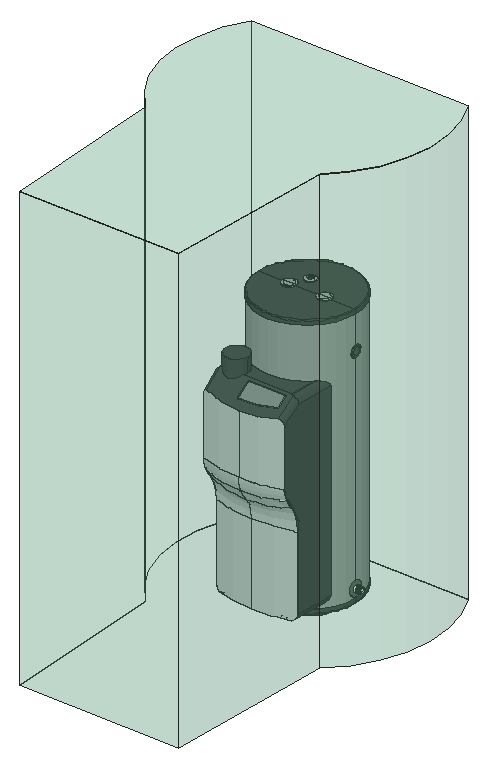
Revit family "Innovo BEFR_IR 12 160 BEFR NAT", category Mechanical Equipment, Revit 2015
Parameters (values of type "IR-12-160 BEFR NAT")
  largeur d'emballage = 786 mm  # constant formula
  l'Intervalle d'Entretien = "12 mois"  # constant formula
  Workspace Radius = Diameter + 170 mm  # 730 mm
  Workspace Height = Hauteur + 1000 mm  # 2545 mm
  Workspace Front Distance = 1000 mm
  Workspace [instance] = yes
  Valve Height 02 = if(and(Hauteur = 1745 mm, Diameter = 675 mm), 1518 mm, if(and(Hauteur = 1745 mm, Diameter = 610 mm), 1534 mm, if(Hauteur = 1545 mm, 1328 mm, 1070 mm)))  # 1328 mm
  Valve Height 01 = if(and(Diameter > 560 mm), 693 mm, 604 mm)  # 604 mm
  Valeur Maximale du Thermostat de Régulation = 85 °C  # constant formula
  Valeur Manimale du Thermostat de Régulation = 40 °C  # constant formula
  Valeur Défaut du Thermostat de Régulation = 65 °C  # constant formula
  URL = "www.aosmith.be"
  Type d'Installation = "B23/C13/C33/C43/C53/C63"  # constant formula
  Type d'emballage = "Carton et bois"  # constant formula
  Tension d'Alimentation (-15%, +10%) = 230 V  # constant formula
  Température Maximale des Fumées = 45 °C
  Temps de réchauffement à ΔT = 70°C = "65"
  Temps de réchauffement à ΔT = 55°C = "52"
  Temps de réchauffement à ΔT = 50°C = "47"
  Temps de réchauffement à ΔT = 44°C = "41"
  Temps de réchauffement à ΔT = 28°C = "27"
  Spécifications du Produit = ""
  Réglages du thermostat du chauffe-eau = 65 °C  # constant formula
  Réglage Standard Pour = "G20/G25"
  Rendement Saisonnier (Hs) = [Rendement (Hs, acc. NEN-EN 89 - 1999)]  # 98
  Rendement (Hs, acc. NEN-EN 89 - 1999) = 98
  Rendement (Hi, acc. NEN-EN 89 - 1999) = 109
  Raccord Évacuation de la Condensation = 40 mm  # constant formula
  Raccord de la Soupape de Vidange = 3/4"
  Raccord de Sortie d'Eau Chaude = 3/4"
  Raccord de Gaz = 15"  # constant formula
  Raccord d'Alimentation en Eau Froide = 3/4"  # constant formula
  Raccord Robinet de Vidange = 3/4"  # constant formula
  Puissance Électrique Absorbée (sommet) = 85 W
  Puissance Électrique Absorbée (nominal) = 25 W
  Profondeur d'emballage = 946 mm  # constant formula
  Profondeur = 780 mm  # constant formula
  Profils de soutirage déclaré = "XL"
  Production Nominale = "11900.0/9800.0"
  Pression de Fonctionnement Maximale = 800000.0 Pa  # constant formula
  Pression Différentielle d'Ouverture de l'Interrupteur de Pression < = 115.0 Pa
  Pression Amont de Gaz = "2000/2500 Pa"
  Precaustions during assembling, installation or maintenance = "voir Manuel d'installation, d'emploi er d'entretien"  # constant formula
  Poids à vide = 106 kg
  Poids de Transport = 122 kg
  Phase = 1
  Pertes en Veille - tous les jours (24h) = 0 W
  Pertes en Veille = 0 W
  Nombre de modèle du produit (EAN) = "8717449285951"
  Niveau du Son dB (A) = "<45"  # constant formula
  Niveau de puissance acoustique à l'intérieur = "41 dB"
  NOx-émissions mg/kWh = "22.0/23.0"
  NOx-émissions (ven air, 0% O2) ppm = "14.0/14.0"
  Modèdele = "IR-12-200"
  Model = "IR-12-200 FR NAT"
  Marque commerciale = "A.O. Smith"  # constant formula
  Manufacturer = "A.O. Smith Water Products Company b.v."  # constant formula
  Largeur = Diameter  # 560 mm
  La commande intelligente = no
  L'efficacité énergétique pour le chauffage de l'eau (2) = "-"
  L'efficacité énergétique pour le chauffage de l'eau (1) = "94%"
  Hauteur du Raccordement au Gaz = 860 mm
  Hauteur de la Sortie d'eau Chaude = 1545 mm
  Hauteur de l'Alimentation en eau Froide = 170 mm
  Hauteur d'emballage = 1695 mm
  Hauteur Conduit d'Évacuation des Fumées = 1305 mm
  Hauteur Conduit d'Alimentation en Air = 1305 mm
  Hauteur = 1545 mm
  Guide de Produit = ""
  Garantie sur la Cuve = "36 mois"  # constant formula
  Garantie Pièces = "12 mois"  # constant formula
  Fréquence secteur = 50 Hz  # constant formula
  Forctionner qu'en heures creuses = no
  Fabricant No. = "E 7110"  # constant formula
  Epaisseur d'Isolation = 50 mm
  Débit de vidage à ΔT = 70°C après 90 min. = 350.0 L
  Débit de vidage à ΔT = 70°C après 60 min. = 270.0 L
  Débit de vidage à ΔT = 70°C après 30 min. = 200.0 L
  Débit de vidage à ΔT = 70°C après 120 min. = 420.0 L
  Débit de vidage à ΔT = 55°C après 90 min. = 460.0 L
  Débit de vidage à ΔT = 55°C après 60 min. = 370.0 L
  Débit de vidage à ΔT = 55°C après 30 min. = 270.0 L
  Débit de vidage à ΔT = 55°C après 120 min. = 560.0 L
  Débit de vidage à ΔT = 50°C après 90 min. = 510.0 L
  Débit de vidage à ΔT = 50°C après 60 min. = 410.0 L
  Débit de vidage à ΔT = 50°C après 30 min. = 310.0 L
  Débit de vidage à ΔT = 50°C après 120 min. = 610.0 L
  Débit de vidage à ΔT = 44°C après 90 min. = 590.0 L
  Débit de vidage à ΔT = 44°C après 60 min. = 470.0 L
  Débit de vidage à ΔT = 44°C après 30 min. = 360.0 L
  Débit de vidage à ΔT = 44°C après 120 min. = 710.0 L
  Débit de vidage à ΔT = 28°C après 90 min. = 950.0 L
  Débit de vidage à ΔT = 28°C après 60 min. = 760.0 L
  Débit de vidage à ΔT = 28°C après 30 min. = 580.0 L
  Débit de vidage à ΔT = 28°C après 120 min. = 1200.0 L
  Débit de vidage en Continu à ΔT = 70°C = 150.0 L/s
  Débit de vidage en Continu à ΔT = 55°C = 190.0 L/s
  Débit de vidage en Continu à ΔT = 50°C = 210.0 L/s
  Débit de vidage en Continu à ΔT = 44°C = 240.0 L/s
  Débit de vidage en Continu à ΔT = 28°C = 370.0 L/s
  Diamètre Cheminée - Système Parallèle = "2x80"  # constant formula
  Diamètre Cheminée - Système Concentrique = "80/125 mm/mm"  # constant formula
  Diamètre Cheminée - Boiler = "80/125 mm/mm"  # constant formula
  Diameter = 560 mm
  Destination / Country = "Belgique"  # constant formula
  Description = "Préparateur ECS Solaire en Combinaison avec Réservoir de Stockage"  # constant formula
  D'autres profils de soutirage = "-"
  Created By = "http://www.cadcompany.nl/"
  Consommation de Gaz - Volume ltr/hr = "1.20/1.10"
  Consommation de Gaz - Masse kg/h = "a/p"
  Class d'efficacité énergétique (2) = "-"
  Class d'efficacité énergétique (1) = "A"  # constant formula
  Charge Nominale (Valeur Supérieure) = "12100.0/10000.0"
  Charge Nominale (Valeur Inférieure) = "10900.0/9000.0"
  Charge Maximale au Sol = 322 kg
  Catégorie de Gaz = "I2E(S)B"
  Capacité = 200.0 L
  CO2 Émissions (tol. +/- 1.0) vol% = "9.3/7.5"
  CE-PIN = "0063CQ3037"  # constant formula
  BIM Content Developer = "CAD & Company"  # constant formula
  Assembly Code = "D3010"
  Annual fuel consumption (2) = "-"
  Annual fuel consumption (1) = "16 GJ GCV"
  Annual electricity consumption (2) = "-"
  Annual electricity consumption (1) = "40 kWh"
  2ème Entretien (Entretien Général) = "12 mois après l'installation"  # constant formula
  1er Entretien (check-up) = "3 mois après l'installation"  # constant formula
Reference planes
  plane 1 "Center (Front/Back)": y = 0
  plane 2: z = 0
  plane 3 "Center (Left/Right)": x = 0
  plane 4 "Pipe": through (-383.901, 912.349, 194.799) normal (-0.0879, -0.0879, 0.9923)
  plane 5 "footing": y = 118.925
  plane 6 "footing front": y = -237.85
  plane 7: x = -280
  plane 8: x = 280
  plane 9: z = 1545
Forms (mm)
  Revolve 1, solid, material "RAL 9005", detail levels medium+fine
    sketch origin (0, -237.85, 0) x (-1, 0, 0) y (0, 0, 1)
      loop
        line (0, 28.9) -> (-15, 28.9) -> (-15, 26.4) -> (-8.671, 26.4) -> (-8.671, 18) -> (-5.686, 18) -> (-6.626, 17.06) -> (-6.626, 12.06) -> (-8.671, 12.06) -> (-8.671, 10) -> (-10.031, 10) -> (-23.271, 5.181)
        arc (-23.271, 5.181) -> (-23.763, 4.836) -> (-24.017, 4.293) r 1.159
        line (-24.017, 4.293) -> (-24.017, 1.03)
        arc (-24.017, 1.03) -> (-23.715, 0.302) -> (-22.986, 0) r 1.03
        line (-22.986, 0) -> (0, 0) -> (0, 28.9)
      axis (0, 28.9) -> (0, 0)
    angle from 0 to 360
  Revolve 2, solid, material "RAL 9005", detail levels medium+fine
    sketch origin (0, 118.925, 0) x (-1, 0, 0) y (0, 0, 1)
      loop
        line (-180.984, 28.9) -> (-195.984, 28.9) -> (-195.984, 26.4) -> (-189.655, 26.4) -> (-189.655, 18) -> (-186.67, 18) -> (-187.61, 17.06) -> (-187.61, 12.06) -> (-189.655, 12.06) -> (-189.655, 10) -> (-191.015, 10) -> (-204.256, 5.181)
        arc (-204.256, 5.181) -> (-204.747, 4.836) -> (-205.001, 4.293) r 1.159
        line (-205.001, 4.293) -> (-205.001, 1.03)
        arc (-205.001, 1.03) -> (-204.699, 0.302) -> (-203.971, 0) r 1.03
        line (-203.971, 0) -> (-180.984, 0) -> (-180.984, 28.9)
      axis (-180.984, 28.9) -> (-180.984, 0)
    angle from 0 to 360
  Revolve 3, solid, material "RAL 9005", detail levels medium+fine
    sketch origin (0, 118.925, 0) x (-1, 0, 0) y (0, 0, 1)
      loop
        line (179.016, 28.9) -> (164.016, 28.9) -> (164.016, 26.4) -> (170.345, 26.4) -> (170.345, 18) -> (173.33, 18) -> (172.39, 17.06) -> (172.39, 12.06) -> (170.345, 12.06) -> (170.345, 10) -> (168.985, 10) -> (155.744, 5.181)
        arc (155.744, 5.181) -> (155.253, 4.836) -> (154.999, 4.293) r 1.159
        line (154.999, 4.293) -> (154.999, 1.03)
        arc (154.999, 1.03) -> (155.301, 0.302) -> (156.029, 0) r 1.03
        line (156.029, 0) -> (179.016, 0) -> (179.016, 28.9)
      axis (179.016, 28.9) -> (179.016, 0)
    angle from 0 to 360
Lines and regions (mm)
  symbolic lines
    curve 1: line (0, 280.06, 0) -> (0, -280.06, 0)
    curve 2: line (-255.06, 0, 0) -> (255.06, 0, 0)
  symbolic lines, style "Workspace"
    curve 3: line (623.261, 380.06, 0) -> (-623.261, 380.06, 0)
    curve 4: arc (-623.261, 380.06, 0) -> (-726.942, -66.745, 0) -> (-543.632, -487.2, 0) r 730
    curve 5: line (-543.632, -487.2, 0) -> (-396.783, -1492.825, 0)
    curve 6: line (-396.783, -1492.825, 0) -> (399.03, -1492.825, 0)
    curve 7: line (399.03, -1492.825, 0) -> (545.76, -484.816, 0)
    curve 8: arc (545.76, -484.816, 0) -> (727.087, -65.154, 0) -> (623.261, 380.06, 0) r 730
Dimensions and locks
  plane 5 "footing" to plane 1 "Center (Front/Back)" = 118.925 mm
  plane 1 "Center (Front/Back)" to plane 6 "footing front" = 237.85 mm
  "Diameter": plane 7 to plane 8
  equal spacing: plane 7, plane 3 "Center (Left/Right)", plane 8
  "Hauteur": plane 9 to plane 2
  "Workspace Front Distance": curve 6 to nested 3
  "Workspace Radius": radius of curve 4
  "Workspace Radius": radius of curve 8
  aligned and locked: level to plane 2
  aligned and locked: nested 3 to Revolve 1 sketch curve
  aligned and locked: plane 3 "Center (Left/Right)" to Revolve 1 sketch curve
  aligned and locked: nested 3 to plane 1 "Center (Front/Back)"
  aligned and locked: plane 3 "Center (Left/Right)" to nested 3
  aligned and locked: nested 1 to plane 8
  aligned and locked: nested 5 to plane 8
  aligned and locked: nested 2 to plane 7
  aligned and locked: nested 4 to plane 7
  aligned and locked: nested 7 to plane 7
  aligned and locked: nested 8 to plane 3 "Center (Left/Right)"
  aligned and locked: plane 1 "Center (Front/Back)" to nested 8
  aligned and locked: nested 8 to nested 3
  aligned and locked: curve 3 to nested 8
Automatic sketch dimensions
  Revolve 1 sketch curve to level = 0 mm
  plane 3 "Center (Left/Right)" to Revolve 1 sketch curve = 5.686 mm
  Revolve 1 sketch curve to Revolve 1 sketch curve = 0.94 mm  (x2)
  Revolve 1 sketch curve to Revolve 1 sketch curve = 2.046 mm  (x2)
  Revolve 1 sketch curve to Revolve 1 sketch curve = 1.359 mm
  Revolve 1 sketch curve to Revolve 1 sketch curve = 6.329 mm
  level to Revolve 1 sketch curve = 4.091 mm
  Revolve 1 sketch curve to Revolve 1 sketch curve = 12.844 mm
  level to Revolve 1 sketch curve = 1.03 mm
  Revolve 1 sketch curve to Revolve 1 sketch curve = 0.111 mm
  level to Revolve 1 sketch curve = 5.181 mm
  Revolve 1 sketch curve to Revolve 1 sketch curve = 0.745 mm
  level to Revolve 1 sketch curve = 10 mm
  Revolve 1 sketch curve to Revolve 1 sketch curve = 2.06 mm
  Revolve 1 sketch curve to Revolve 1 sketch curve = 5 mm
  Revolve 1 sketch curve to Revolve 1 sketch curve = 8.4 mm
  Revolve 1 sketch curve to Revolve 1 sketch curve = 2.5 mm
  Revolve 1 sketch curve to level = 19.635 mm
  Revolve 1 sketch curve to Revolve 1 sketch curve = 46.465 mm
  Revolve 2 sketch curve to level = 0 mm
  level to Revolve 2 sketch curve = 1.03 mm
  Revolve 2 sketch curve to plane 8 = 74.999 mm
  level to Revolve 2 sketch curve = 5.181 mm
  Revolve 2 sketch curve to Revolve 2 sketch curve = 0.745 mm
  Revolve 2 sketch curve to Revolve 2 sketch curve = 0.397 mm
  Revolve 2 sketch curve to Revolve 2 sketch curve = 8.271 mm
  Revolve 2 sketch curve to Revolve 2 sketch curve = 13.241 mm
  Revolve 2 sketch curve to Revolve 2 sketch curve = 1.359 mm
  Revolve 2 sketch curve to Revolve 2 sketch curve = 6.329 mm
  Revolve 2 sketch curve to Revolve 2 sketch curve = 2.046 mm
  level to Revolve 2 sketch curve = 18 mm
  Revolve 2 sketch curve to Revolve 2 sketch curve = 0.94 mm  (x2)
  Revolve 2 sketch curve to Revolve 2 sketch curve = 8.671 mm
  Revolve 2 sketch curve to Revolve 2 sketch curve = 1.089 mm
  Revolve 2 sketch curve to Revolve 2 sketch curve = 8 mm
  Revolve 2 sketch curve to Revolve 2 sketch curve = 2.06 mm
  Revolve 2 sketch curve to Revolve 2 sketch curve = 8.4 mm
  Revolve 2 sketch curve to Revolve 2 sketch curve = 2.5 mm
  Revolve 2 sketch curve to Revolve 2 sketch curve = 0 mm
  Revolve 2 sketch curve to level = 19.635 mm
  Revolve 2 sketch curve to Revolve 2 sketch curve = 46.465 mm
  Revolve 3 sketch curve to level = 0 mm
  level to Revolve 3 sketch curve = 1.03 mm
  Revolve 3 sketch curve to plane 7 = 125.001 mm
  level to Revolve 3 sketch curve = 5.181 mm
  Revolve 3 sketch curve to Revolve 3 sketch curve = 0.745 mm
  Revolve 3 sketch curve to Revolve 3 sketch curve = 0.397 mm
  Revolve 3 sketch curve to Revolve 3 sketch curve = 8.271 mm
  Revolve 3 sketch curve to Revolve 3 sketch curve = 13.241 mm
  Revolve 3 sketch curve to Revolve 3 sketch curve = 1.359 mm
  Revolve 3 sketch curve to Revolve 3 sketch curve = 6.329 mm
  Revolve 3 sketch curve to Revolve 3 sketch curve = 2.046 mm
  level to Revolve 3 sketch curve = 18 mm
  Revolve 3 sketch curve to Revolve 3 sketch curve = 0.94 mm  (x2)
  Revolve 3 sketch curve to Revolve 3 sketch curve = 8.671 mm
  Revolve 3 sketch curve to Revolve 3 sketch curve = 1.089 mm
  Revolve 3 sketch curve to Revolve 3 sketch curve = 8 mm
  Revolve 3 sketch curve to Revolve 3 sketch curve = 2.06 mm
  Revolve 3 sketch curve to Revolve 3 sketch curve = 8.4 mm
  Revolve 3 sketch curve to Revolve 3 sketch curve = 2.5 mm
  Revolve 3 sketch curve to Revolve 3 sketch curve = 0 mm
  Revolve 3 sketch curve to level = 19.635 mm
  Revolve 3 sketch curve to Revolve 3 sketch curve = 46.465 mm
  curve 4 to curve 8 = 0 mm  (x2)
  plane 1 "Center (Front/Back)" to curve 2 = 0 mm
  curve 1 to plane 3 "Center (Left/Right)" = 0 mm
  plane 1 "Center (Front/Back)" to curve 4 = 0 mm
  curve 4 to plane 3 "Center (Left/Right)" = 0 mm
  curve 5 to plane 6 "footing front" = 249.35 mm
  plane 7 to curve 5 = 116.783 mm
  plane 8 to curve 7 = 119.03 mm
  curve 7 to plane 6 "footing front" = 246.966 mm
  curve 2 to plane 7 = 24.94 mm
  curve 2 to plane 8 = 24.94 mm
  curve 1 to plane 6 "footing front" = 42.21 mm
  plane 5 "footing" to curve 1 = 161.135 mm
Nested families
  nested 1: "Valve" at (280, -0.38, 1328) x (0, 1, 0) z (0, 0, 1), built-in parameter 1001364 <- "Valve Height 02", type "Valve"
  nested 2: "Drain Valve" at (-280, 0, 1328), built-in parameter 1001364 <- "Valve Height 02", type "Drain Valve"
  nested 3: "Housing Mother Housing S 57 (external)" at (0, -274.886, 0), type "Housing Mother_Housing S_57"
  nested 4: "Drain Valve" at (-280, 0, 177), type "Drain Valve"
  nested 5: "Drain Valve" at (280, 0, 107) x (-1, 0, 0) z (0, 0, 1), type "Drain Valve"
  nested 6: "Boiler" at (0, 0, 0), height <- "Hauteur", type "Boiler"
    with height 1545 mm
  nested 7: "Drain Valve" at (-280, 0, 604), built-in parameter 1001364 <- "Valve Height 01", type "Drain Valve"
  nested 8: "Innovo_workspace" at (0, 0, 0), Workspace <- "Workspace", Workspace Distance Front <- "Workspace Front Distance", Workspace Height <- "Workspace Height", Workspace Radius <- "Workspace Radius", type "Workspace"
    with Workspace Radius 730 mm, Workspace Height 2545 mm, Workspace Distance Front 1000 mm, Workspace yes, Center to Front 492.825 mm
Connectors
  piping at (314.826, 0, 107), diameter 19.05, driven by "Raccord Robinet de Vidange"
    settings: on nested 5, index 1, connector inside diameter 24", connector length 0 mm, flow factor 0, pipe flow 0.0 L/s, pressure drop 0.0 Pa, fitting loss kfactor 0, connector angle 0.00°, fixture units 0, engagement length 0 mm, angle of deflection 0.00°, flow configuration 0, flow direction 0, fitting loss method 0, system type 19, joint type 0, gender type 0, connector reference index -1, connector utility 0, adjustable connector no, is connector primary yes, connector description ""
  hvac at (-147.013, -321.326, 1310.674)
    settings: on nested 3, index 2, duct flow 0.0 L/s, flow factor 0, pres drop 0.0 Pa, loss coef 0, conn angle 0.00°, conn width 304.8 mm, conn height 304.8 mm, conn diameter 125 mm, duct sys type 4, conn prof type 0, flow config 0, flow direction 0, loss method 0, conn ref index -1, conn util no, is conn primary yes, conn desc ""
Definition of nested family "Valve"
  Parameters (values of type "Valve")
    Type Comments = "T&P valve (internal)"
    Manufacturer = "A.O. Smith"
  Reference planes
    plane 1 "Center (Front/Back)": y = 0
    plane 2: z = 0
    plane 3 "Center (Left/Right)": x = 0
  Forms (mm)
    Extrusion 1, solid, detail levels fine
      sketch origin (0, 0, 0) x (1, 0, 0) y (0, 0, 1)
        loop
          circle (0, 0) r 31.5
      from -2.271 to 1.4
    Sweep 2, solid, detail levels fine
      path origin (0, -1.4, 0) x (1, 0, 0) y (0, 0, 1)
        loop
          circle (0, 0) r 31.5
      profile origin (0, -1.4, 31.5) x (0, 0, -1) y (0, -1, 0)
        loop
          line (7.3, 0) -> (7.3, 3) -> (0, 0) -> (7.3, 0)
  Dimensions and locks
    aligned and locked: level to plane 2
Definition of nested family "Drain Valve"
  Reference planes
    plane 1 "Center (Front/Back)": y = 0
    plane 2: z = 0
    plane 3 "Center (Left/Right)": x = 0
  Forms (mm)
    Revolve 1, solid, detail levels medium+fine
      sketch origin (0, 0, 0) x (1, 0, 0) y (0, 0, 1)
        loop
          line (-33.442, 15.696) -> (-34.826, 14.329) -> (-34.93, 12.731) -> (-16.555, 12.731) -> (-16.555, 0) -> (15.787, 0) -> (15.787, 18.3) -> (-14.4, 18.3) -> (-17.148, 15.533) -> (-18.729, 16.697) -> (-20.091, 15.333) -> (-21.672, 16.496) -> (-23.034, 15.133) -> (-24.614, 16.296) -> (-25.976, 14.932) -> (-27.557, 16.096) -> (-28.919, 14.732) -> (-30.5, 15.896) -> (-31.862, 14.532) -> (-33.442, 15.696)
        axis (-34.93, 0) -> (15.787, 0)
      angle from 0 to 360
  Dimensions and locks
    aligned and locked: level to plane 2
  Nested families
    nested 1: "Rubber sealing" at (2.592, -0.155, 0) x (0.0023, -1, 0) z (0, 0, 1), type "Rubber sealing", detail levels fine
  Definition of nested family "Rubber sealing"
    Reference planes
      plane 1 "Center (Front/Back)": y = 0
      plane 2: z = 0
      plane 3 "Center (Left/Right)": x = 0
    Forms (mm)
      Extrusion 1, solid, detail levels fine
        sketch origin (141.861, 319.581, 0) x (1, 0, 0) y (0, 1, 0)
          loop
            line (-216.354, -311.898) -> (-216.354, -313.94)
            arc (-216.354, -313.94) -> (-141.602, -321.581) -> (-66.861, -313.835) r 366.966
            line (-66.861, -313.835) -> (-66.861, -311.791)
            arc (-66.861, -311.791) -> (-141.602, -319.581) -> (-216.354, -311.898) r 364.966
        from -80 to 80
      Extrusion 2, void
        sketch origin (141.861, 319.581, 0) x (1, 0, 0) y (0, 0, 1)
          loop
            circle (-141.861, 0) r 13
          loop
            circle (-141.861, 0) r 110
          loop
            circle (-141.861, 0) r 40
        from 311.563 to 332.684
      Extrusion 3, void
        sketch origin (141.861, 319.581, 0) x (1, 0, 0) y (0, 0, 1)
          loop
            circle (-141.861, 0) r 18.25
        from 315.524 to 326.084
    Cuts and joins
      Extrusion 2, Extrusion 3 cuts Extrusion 1
    Dimensions and locks
      aligned and locked: level to plane 2
Definition of nested family "Housing Mother Housing S 57 (external)"
  Parameters (values of type "Housing Mother_Housing S_57")
    radius [instance] = 280 mm
    distance to boiler center = if(diameter = 675 mm, 189 mm, if(diameter = 610 mm, 154 mm, 129 mm))  # 129 mm
    diameter = 560 mm
  Reference planes
    plane 1 "Center (Front/Back)": y = 0
    plane 2: z = 0
    plane 3 "Center (Left/Right)": x = 0
    plane 4 "left": through (-245.286, 145.886, 1200) normal (0.9994, 0.0349, 0)
    plane 5: y = -217.939
    plane 6: y = 145.886
    plane 7: z = 1232.6
    plane 8: z = 65.89
    plane 9 "right": through (245.286, 145.886, 1200) normal (0.9994, -0.0349, 0)
    plane 10 "display": through (0, -90.37, 1221.196) normal (0, -0.5736, 0.8192)
    plane 11 "Potentiostat": z = 867.899
    plane 12 "boiler center": y = 274.886
    plane 13: x = -280
    plane 14: x = 280
  Forms (mm)
    Extrusion 1, solid
      sketch origin (0, 0, 0) x (1, 0, 0) y (0, 1, 0)
        loop
          line (-245.286, 145.886) -> (-232.581, -217.939) -> (232.581, -217.939) -> (245.286, 145.886)
          arc (245.286, 145.886) -> (0, 0.923) -> (-245.286, 145.886) r 280
      from 0 to 1232.6
    Sweep 2, void
      path origin (0, 0, 0) x (0, 1, 0) y (0, 0, 1)
        loop
          line (-217.939, 1232.6) -> (-217.939, 795.555)
          arc (-217.939, 795.555) -> (-212.387, 754.285) -> (-197.694, 715.322) r 183.924
          arc (-197.694, 715.322) -> (-179.915, 684.628) -> (-159.106, 655.901) r 348.284
          arc (-159.106, 655.901) -> (-131.411, 600.328) -> (-121.88, 538.973) r 202.254
          line (-121.88, 538.973) -> (-121.88, 61.106)
      profile origin (0, -217.939, 1014.077) x (1, 0, 0) y (0, 1, 0)
        loop
          arc (0, 0) -> (-117.533, 9.941) -> (-231.728, 39.475) r 699.984
          arc (-231.728, 39.475) -> (-233.391, 40.705) -> (-234.07, 42.659) r 3.505
          line (-234.07, 42.659) -> (-254.062, 42.659) -> (-254.062, -142.593) -> (254.07, -142.593) -> (254.07, 42.659) -> (234.07, 42.659)
          arc (234.07, 42.659) -> (233.391, 40.705) -> (231.728, 39.475) r 3.505
          arc (231.728, 39.475) -> (117.533, 9.941) -> (0, 0) r 699.984
    Extrusion 3, void
      sketch origin (0, 0, 0) x (0, 1, 0) y (0, 0, 1)
        loop
          arc (102.864, 70.869) -> (99.804, 70.709) -> (96.874, 69.813) r 12.57
          arc (96.874, 69.813) -> (87.878, 66.533) -> (78.516, 64.529) r 69.114
          arc (78.516, 64.529) -> (76.41, 64.284) -> (74.294, 64.148) r 41.206
          arc (74.294, 64.148) -> (65.203, 64.335) -> (56.122, 64.782) r 318.661
          arc (56.122, 64.782) -> (30.585, 66.179) -> (5.028, 67.128) r 1456.581
          line (5.028, 67.128) -> (-84.534, 73.135)
          arc (-84.534, 73.135) -> (-86.363, 73.808) -> (-87.536, 75.365) r 3.455
          line (-87.536, 75.365) -> (-264.473, 75.365) -> (-264.473, 0) -> (160.886, 0) -> (160.886, 103.945) -> (145.886, 103.945)
          arc (145.886, 103.945) -> (145.104, 97.827) -> (142.923, 92.059) r 26.364
          arc (142.923, 92.059) -> (141.067, 88.936) -> (138.867, 86.045) r 31.715
          arc (138.867, 86.045) -> (135.576, 82.49) -> (132.021, 79.2) r 62.615
          arc (132.021, 79.2) -> (125.841, 74.697) -> (119.091, 71.103) r 54.444
          arc (119.091, 71.103) -> (116.371, 70.272) -> (113.531, 70.123) r 11.669
          line (113.531, 70.123) -> (102.864, 70.869)
      from -254.062 to 254.07
    Sweep 4, void
      path origin (0, 0, 0) x (1, 0, 0) y (0, 1, 0)
        loop
          line (-245.286, 145.886) -> (-232.581, -217.939)
      profile origin (-238.933, -36.027, 0) x (0.999391, 0.034899, 0) y (0, 0, 1)
        loop
          line (-4.454, 0) -> (47.084, 0) -> (47.084, 73.431)
          arc (47.084, 73.431) -> (14.222, 85.134) -> (0.255, 117.1) r 43.922
          line (0.255, 117.1) -> (-4.454, 117.1) -> (-4.454, 0)
    Sweep 5, void
      path origin (0, 0, 0) x (-1, 0, 0) y (0, 1, 0)
        loop
          line (-245.286, 145.886) -> (-232.581, -217.939)
      profile origin (238.933, -36.027, 0) x (0.999391, -0.034899, 0) y (0, 0, 1)
        loop
          line (4.454, 0) -> (4.454, 117.1) -> (-0.255, 117.1)
          arc (-0.255, 117.1) -> (-14.222, 85.134) -> (-47.084, 73.431) r 43.922
          line (-47.084, 73.431) -> (-47.084, 0) -> (4.454, 0)
    Sweep 6, void
      path origin (-239.899, -8.377, 0) x (-0.034899, 0.999391, 0) y (0, 0, 1)
        loop
          line (-209.69, 1141.272) -> (-79.18, 1232.6) -> (154.358, 1232.6)
      profile origin (-241.211, 29.188, 1232.6) x (0, 0, 1) y (0.999391, 0.034899, 0)
        loop
          line (-45, -30) -> (75, -30) -> (75, 0) -> (75, 55) -> (2.799, 55) -> (-1.253, 35.128)
          arc (-1.253, 35.128) -> (-16.771, 9.564) -> (-45, -0.308) r 44.287
          line (-45, -0.308) -> (-45, -30)
    Sweep 7, void
      path origin (239.899, -8.377, 0) x (0.034899, 0.999391, 0) y (0, 0, 1)
        loop
          line (-209.69, 1141.272) -> (-79.18, 1232.6) -> (154.358, 1232.6)
      profile origin (241.211, 29.188, 1232.6) x (0, 0, -1) y (-0.999391, 0.034899, 0)
        loop
          line (-75, -25) -> (45, -25) -> (45, -0.308)
          arc (45, -0.308) -> (16.771, 9.564) -> (1.253, 35.128) r 44.287
          line (1.253, 35.128) -> (-2.799, 55) -> (-75, 55) -> (-75, -25)
    Extrusion 8, void
      sketch origin (0, 0, 0) x (0, 1, 0) y (0, 0, 1)
        loop
          line (-270, 1336.099) -> (-270, 1099.081) -> (68.497, 1336.099) -> (-270, 1336.099)
      from -425.038 to 444.42
    Extrusion 9, solid, detail levels medium+fine
      sketch origin (0, 0, 0) x (1, 0, 0) y (0, 1, 0)
        loop
          circle (-147.013, -46.44) r 65
      from 1163.174 to 1310.674
    Extrusion 10, void
      sketch origin (0, -603.506, 861.895) x (0, 0.819152, 0.573576) y (-1, 0, 0)
        loop
          arc (618.322, -173) -> (623.272, -170.95) -> (625.322, -166) r 7
          line (625.322, -166) -> (625.322, 35)
          arc (625.322, 35) -> (623.272, 39.95) -> (618.322, 42) r 7
          line (618.322, 42) -> (535.473, 42)
          arc (535.473, 42) -> (530.688, 40.11) -> (528.488, 35.46) r 7
          arc (528.488, 35.46) -> (531.569, -67.592) -> (554.18, -168.18) r 540
          arc (554.18, -168.18) -> (556.724, -171.668) -> (560.831, -173) r 7
          line (560.831, -173) -> (618.322, -173)
      from 0 to 137.286
    Sweep 11, solid, detail levels fine
      path origin (0, 0, 867.899) x (-1, 0, 0) y (0, -1, 0)
        loop
          line (309.749, -35.617) -> (204.371, -35.617)
          arc (204.371, -35.617) -> (196.509, -34.687) -> (189.082, -31.947) r 33.677
          line (189.082, -31.947) -> (-9.574, 69.274)
      profile origin (-257.06, 35.617, 867.899) x (0, 1, 0) y (0, 0, 1)
        loop
          circle (0, 0) r 7.316
        loop
          circle (0, 0) r 6.465
    Revolve 12, void
      sketch origin (0, 274.886, 0) x (-1, 0, 0) y (0, 0, 1)
        loop
          line (280, 1243.838) -> (0, 1243.838) -> (0, 54.9) -> (280, 54.9) -> (280, 1243.838)
        axis (0, 1243.838) -> (0, 54.9)
      angle from 0 to 360
  Cuts and joins
    Sweep 2, Extrusion 3, Sweep 4, Sweep 5, Sweep 6, Sweep 7, Extrusion 8, Extrusion 10, Revolve 12 cuts Extrusion 1
  Dimensions and locks
    plane 8 to plane 2 = 65.89 mm
    plane 7 to plane 8 = 1166.71 mm
    "distance to boiler center": plane 12 "boiler center" to plane 6
    "diameter": plane 14 to plane 13
    equal spacing: plane 14, plane 3 "Center (Left/Right)", plane 13
    "radius": plane 3 "Center (Left/Right)" to plane 13
    aligned and locked: level to plane 2
    aligned and locked: Extrusion 1 to plane 7
    aligned and locked: Extrusion 1 sketch curve to plane 5
    aligned and locked: Sweep 2 to Extrusion 3
    aligned and locked: Extrusion 3 to Sweep 2  (x2)
    aligned and locked: plane 7 to Sweep 2 sketch curve
    aligned and locked: plane 3 "Center (Left/Right)" to Revolve 12 sketch curve
    aligned and locked: Revolve 12 sketch curve to plane 3 "Center (Left/Right)"
    aligned and locked: plane 13 to Revolve 12 sketch curve
  Automatic sketch dimensions
    Extrusion 1 sketch curve to plane 4 "left" = 0 mm  (x2)
    Extrusion 1 sketch curve to plane 6 = 0 mm  (x2)
    Extrusion 1 sketch curve to plane 3 "Center (Left/Right)" = 0 mm
    Extrusion 1 sketch curve to plane 9 "right" = 0 mm
    plane 6 to Extrusion 1 sketch curve = 135.037 mm
    Sweep 2 sketch curve to plane 5 = 0 mm
    plane 5 to Sweep 2 sketch curve = 106.195 mm
    Sweep 2 sketch curve to plane 5 = 96.059 mm
    plane 1 "Center (Front/Back)" to Sweep 2 sketch curve = 34.053 mm
    plane 11 "Potentiostat" to Sweep 2 sketch curve = 6.417 mm
    Sweep 2 sketch curve to plane 6 = 33.705 mm
    Sweep 2 sketch curve to plane 11 "Potentiostat" = 68.615 mm
    Sweep 2 sketch curve to plane 11 "Potentiostat" = 72.345 mm
    Sweep 2 sketch curve to Sweep 2 sketch curve = 176.349 mm
    Sweep 2 sketch curve to Sweep 2 sketch curve = 0 mm  (x2)
    plane 8 to Sweep 2 sketch curve = 4.784 mm
    Extrusion 3 sketch curve to level = 0 mm
    Extrusion 3 sketch curve to plane 6 = 0 mm
    Extrusion 3 sketch curve to plane 6 = 26.363 mm
    Extrusion 3 sketch curve to Extrusion 3 sketch curve = 4.75 mm
    Extrusion 3 sketch curve to Extrusion 3 sketch curve = 5.179 mm
    Extrusion 3 sketch curve to plane 8 = 4.232 mm
    Extrusion 3 sketch curve to Extrusion 3 sketch curve = 0.814 mm
    Extrusion 3 sketch curve to plane 8 = 4.978 mm
    Extrusion 3 sketch curve to Extrusion 3 sketch curve = 10.667 mm
    Extrusion 3 sketch curve to Extrusion 3 sketch curve = 0.877 mm
    Extrusion 3 sketch curve to Extrusion 3 sketch curve = 17.827 mm
    Extrusion 3 sketch curve to Extrusion 3 sketch curve = 5.646 mm
    Extrusion 3 sketch curve to plane 6 = 69.562 mm
    Extrusion 3 sketch curve to Extrusion 3 sketch curve = 18.6 mm
    Extrusion 3 sketch curve to Extrusion 3 sketch curve = 22.538 mm
    Extrusion 3 sketch curve to plane 8 = 1.238 mm
    Extrusion 3 sketch curve to plane 1 "Center (Front/Back)" = 5.028 mm
    plane 1 "Center (Front/Back)" to Extrusion 3 sketch curve = 36.224 mm
    Extrusion 3 sketch curve to plane 8 = 10.692 mm
    plane 1 "Center (Front/Back)" to Extrusion 3 sketch curve = 84.302 mm
    Extrusion 3 sketch curve to plane 8 = 7.244 mm
    Extrusion 3 sketch curve to Extrusion 3 sketch curve = 0.231 mm
    Extrusion 3 sketch curve to Extrusion 3 sketch curve = 3.234 mm
    plane 5 to Extrusion 3 sketch curve = 46.534 mm
    plane 6 to Extrusion 3 sketch curve = 15 mm
    Extrusion 3 sketch curve to level = 1388.869 mm
    plane 8 to Extrusion 3 sketch curve = 7.561 mm
    Extrusion 3 sketch curve to Extrusion 3 sketch curve = 11.64 mm
    Extrusion 3 sketch curve to plane 8 = 38.054 mm
    Extrusion 3 sketch curve to Extrusion 3 sketch curve = 22.442 mm
    Extrusion 3 sketch curve to plane 8 = 39.432 mm
    Extrusion 3 sketch curve to Extrusion 3 sketch curve = 2.466 mm
    Extrusion 3 sketch curve to Extrusion 3 sketch curve = 14.17 mm
    Extrusion 3 sketch curve to Extrusion 3 sketch curve = 5.925 mm
    Extrusion 3 sketch curve to Extrusion 3 sketch curve = 6.186 mm
    Extrusion 3 sketch curve to Extrusion 3 sketch curve = 249.85 mm
    Extrusion 3 sketch curve to Extrusion 3 sketch curve = 0 mm  (x4)
    Extrusion 3 sketch curve to Extrusion 3 sketch curve = 6.845 mm
    plane 8 to Extrusion 3 sketch curve = 1.743 mm
    Sweep 4 sketch curve to plane 4 "left" = 0 mm  (x2)
    Sweep 4 sketch curve to plane 6 = 0 mm
    plane 5 to Sweep 4 sketch curve = 0 mm
    Sweep 4 sketch curve to level = 0 mm
    profile plane to Sweep 4 sketch curve = 4.454 mm
    Sweep 4 sketch curve to profile plane = 0.255 mm
    Sweep 4 sketch curve to Sweep 4 sketch curve = 43.922 mm
    Sweep 4 sketch curve to profile plane = 47.084 mm
    level to Sweep 4 sketch curve = 73.431 mm
    Sweep 4 sketch curve to Sweep 4 sketch curve = 43.669 mm
    Sweep 5 sketch curve to plane 6 = 0 mm
    Sweep 5 sketch curve to plane 9 "right" = 0 mm  (x2)
    plane 5 to Sweep 5 sketch curve = 0 mm
    Sweep 5 sketch curve to level = 0 mm
    profile plane to Sweep 5 sketch curve = 47.084 mm
    Sweep 5 sketch curve to Sweep 5 sketch curve = 2.907 mm
    profile plane to Sweep 5 sketch curve = 0.255 mm
    Sweep 5 sketch curve to profile plane = 4.454 mm
    level to Sweep 5 sketch curve = 73.431 mm
    Sweep 5 sketch curve to Sweep 5 sketch curve = 43.669 mm
    Sweep 6 sketch curve to plane 7 = 0 mm
    plane 7 to Sweep 6 sketch curve = 91.328 mm
    Sweep 6 sketch curve to Sweep 6 sketch curve = 130.509 mm
    Sweep 6 sketch curve to Sweep 6 sketch curve = 233.538 mm
    Sweep 6 sketch curve to plane 4 "left" = 0 mm
    profile plane to Sweep 6 sketch curve = 45 mm
    Sweep 6 sketch curve to Sweep 6 sketch curve = 0.354 mm
    profile plane to Sweep 6 sketch curve = 1.253 mm
    Sweep 6 sketch curve to profile plane = 2.799 mm
    Sweep 6 sketch curve to Sweep 6 sketch curve = 72.201 mm
    Sweep 6 sketch curve to plane 4 "left" = 0.308 mm
    Sweep 6 sketch curve to Sweep 6 sketch curve = 29.692 mm
    plane 4 "left" to Sweep 6 sketch curve = 35.128 mm
    plane 4 "left" to Sweep 6 sketch curve = 55 mm
    Sweep 7 sketch curve to plane 7 = 0 mm
    Sweep 7 sketch curve to plane 7 = 91.328 mm
    Sweep 7 sketch curve to Sweep 7 sketch curve = 130.509 mm
    Sweep 7 sketch curve to Sweep 7 sketch curve = 233.538 mm
    Sweep 7 sketch curve to plane 9 "right" = 25 mm
    profile plane to Sweep 7 sketch curve = 75 mm
    profile plane to Sweep 7 sketch curve = 2.799 mm
    Sweep 7 sketch curve to profile plane = 1.253 mm
    Sweep 7 sketch curve to Sweep 7 sketch curve = 43.393 mm
    Sweep 7 sketch curve to profile plane = 45 mm
    Sweep 7 sketch curve to plane 9 "right" = 0.308 mm
    plane 9 "right" to Sweep 7 sketch curve = 35.128 mm
    Sweep 7 sketch curve to Sweep 7 sketch curve = 19.872 mm
    plane 5 to Extrusion 8 sketch curve = 52.061 mm
    Extrusion 8 sketch curve to plane 1 "Center (Front/Back)" = 68.497 mm
    plane 7 to Extrusion 8 sketch curve = 133.519 mm
    Extrusion 8 sketch curve to plane 7 = 103.499 mm
    plane 1 "Center (Front/Back)" to Extrusion 9 sketch curve = 46.44 mm
    Extrusion 9 sketch curve to plane 3 "Center (Left/Right)" = 147.013 mm
    Extrusion 10 sketch curve to plane 3 "Center (Left/Right)" = 0 mm
    Extrusion 10 sketch curve to plane 3 "Center (Left/Right)" = 35 mm
    Extrusion 10 sketch curve to Extrusion 10 sketch curve = 25.359 mm
    Extrusion 10 sketch curve to Extrusion 10 sketch curve = 57.491 mm
    Extrusion 10 sketch curve to plane 3 "Center (Left/Right)" = 42 mm
    Extrusion 10 sketch curve to Extrusion 10 sketch curve = 82.85 mm
    Extrusion 10 sketch curve to Extrusion 10 sketch curve = 7 mm
    Extrusion 10 sketch curve to Extrusion 10 sketch curve = 442 mm
    plane 3 "Center (Left/Right)" to Extrusion 10 sketch curve = 166 mm
    Extrusion 10 sketch curve to Extrusion 10 sketch curve = 0 mm  (x2)
    Sweep 11 sketch curve to plane 1 "Center (Front/Back)" = 31.947 mm
    Sweep 11 sketch curve to plane 3 "Center (Left/Right)" = 189.082 mm
    Sweep 11 sketch curve to plane 1 "Center (Front/Back)" = 1.94 mm
    Sweep 11 sketch curve to Sweep 11 sketch curve = 15.289 mm
    plane 3 "Center (Left/Right)" to Sweep 11 sketch curve = 9.574 mm
    Sweep 11 sketch curve to Sweep 11 sketch curve = 105.378 mm
    plane 1 "Center (Front/Back)" to Sweep 11 sketch curve = 69.274 mm
    Sweep 11 sketch curve to Sweep 11 sketch curve = 0 mm  (x2)
    Sweep 11 sketch curve to plane 11 "Potentiostat" = 0 mm
    Sweep 11 sketch curve to profile plane = 0 mm
    plane 8 to Revolve 12 sketch curve = 10.99 mm
    Revolve 12 sketch curve to plane 7 = 11.238 mm
    Revolve 12 sketch curve to level = 366.045 mm
    Revolve 12 sketch curve to Revolve 12 sketch curve = 971.917 mm
    Sweep 2 sketch curve to plane 3 "Center (Left/Right)" = 0 mm
    profile plane to Sweep 2 sketch curve = 0 mm
    Sweep 2 sketch curve to plane 3 "Center (Left/Right)" = 0.016 mm
    Sweep 2 sketch curve to profile plane = 42.782 mm  (x2)
    Sweep 2 sketch curve to plane 3 "Center (Left/Right)" = 230.568 mm
    plane 3 "Center (Left/Right)" to Sweep 2 sketch curve = 0.016 mm
    plane 3 "Center (Left/Right)" to Sweep 2 sketch curve = 230.568 mm
    Sweep 2 sketch curve to Sweep 2 sketch curve = 3.502 mm  (x2)
    Sweep 2 sketch curve to Sweep 2 sketch curve = 20 mm
    profile plane to Sweep 2 sketch curve = 142.593 mm
    Sweep 2 sketch curve to Sweep 2 sketch curve = 0.122 mm  (x2)
    Sweep 2 sketch curve to Sweep 2 sketch curve = 657.203 mm
    Sweep 2 sketch curve to Sweep 2 sketch curve = 19.991 mm
    radius of Extrusion 9 sketch curve = 65 mm
    radius of Sweep 11 sketch curve = 7.316 mm
    radius of Sweep 11 sketch curve = 6.465 mm
  Nested families
    nested 1: "display" at (65.5, -130.939, 1192.79) x (-1, 0, 0) z (0, -0.5736, 0.8192), type "display"
  Definition of nested family "display"
    Parameters (values of type "display")
      Default Elevation = 1219.2 mm
    Reference planes
      plane 1 "Center (Front/Back)": y = 0
      plane 2: z = 0
      plane 3 "Center (Left/Right)": x = 0
    Forms (mm)
      Extrusion 1, solid, detail levels medium+fine
        sketch origin (-16.958, 11.842, -343.878) x (1, 0, 0) y (0, 0, -1)
          loop
            line (-233.523, -343.878) -> (-233.523, -346.592) -> (332.686, -346.592) -> (332.686, -343.878) -> (-233.523, -343.878)
        from -228.7 to 150.822
      Extrusion 2, void
        sketch origin (-16.958, 6.842, -343.878) x (1, 0, 0) y (0, 1, 0)
          loop
            line (-233.523, 155.822) -> (-233.523, -223.7) -> (332.686, -223.7) -> (332.686, 155.822) -> (-233.523, 155.822)
          loop
            arc (-90.542, -48.267) -> (-88.492, -53.216) -> (-83.542, -55.267) r 7
            line (-83.542, -55.267) -> (117.458, -55.267)
            arc (117.458, -55.267) -> (122.408, -53.216) -> (124.458, -48.267) r 7
            line (124.458, -48.267) -> (124.458, 34.583)
            arc (124.458, 34.583) -> (122.568, 39.368) -> (117.918, 41.568) r 7
            arc (117.918, 41.568) -> (14.866, 38.487) -> (-85.722, 15.876) r 540
            arc (-85.722, 15.876) -> (-89.21, 13.332) -> (-90.542, 9.224) r 7
            line (-90.542, 9.224) -> (-90.542, -48.267)
        from 328.878 to 363.083
    Cuts and joins
      Extrusion 2 cuts Extrusion 1
    Dimensions and locks
      aligned and locked: level to plane 2
Definition of nested family "Boiler"
  Parameters (values of type "Boiler")
    radius [instance] = 280 mm
    height [instance] = 1270 mm
    Diameter = 560 mm
  Reference planes
    plane 1 "Center (Front/Back)": y = 0
    plane 2: z = 0
    plane 3 "Center (Left/Right)": x = 0
    plane 4: z = 1243.838
    plane 5: z = 1270
    plane 6 "bottom": z = 28.9
    plane 7: z = 54.9
    plane 8 "top controle": y = 88
    plane 9: x = -280
    plane 10: x = 280
  Forms (mm)
    Revolve 1, solid
      sketch origin (0, 0, 0) x (1, 0, 0) y (0, 0, 1)
        loop
          line (0, 54.9) -> (-280, 54.9) -> (-280, 32.9)
          arc (-280, 32.9) -> (-278.828, 30.072) -> (-276, 28.9) r 4
          line (-276, 28.9) -> (0, 28.9) -> (0, 54.9)
        axis (0, 28.9) -> (0, 54.9)
      angle from 0 to 360
    Revolve 2, solid
      sketch origin (1.311, 0, 0) x (1, 0, 0) y (0, 0, 1)
        loop
          line (-278.86, 1243.838) -> (-278.86, 54.9) -> (-1.311, 54.9) -> (-1.311, 1243.838) -> (-278.86, 1243.838)
        axis (-1.311, 1243.838) -> (-1.311, 54.9)
      angle from 0 to 360
    Revolve 3, solid
      sketch origin (-9.205, 0, 377.212) x (-1, 0, 0) y (0, 0, 1)
        loop
          line (-148.904, 892.788) -> (-110.805, 892.788) -> (-110.805, 895.963) -> (-141.883, 895.963) -> (-148.904, 893.62) -> (-148.904, 892.788)
        axis (-110.805, 892.788) -> (-110.805, 895.963)
      angle from 0 to 360
    Revolve 4, solid
      sketch origin (0, 0, 718.065) x (1, 0, 0) y (0, 0, -1)
        loop
          line (0, -525.773) -> (-280, -525.773) -> (-280, -547.935)
          arc (-280, -547.935) -> (-278.828, -550.763) -> (-276, -551.935) r 4
          line (-276, -551.935) -> (0, -551.935) -> (0, -525.773)
        axis (0, -551.935) -> (0, -525.773)
      angle from 0 to 360
    Revolve 5, solid
      sketch origin (0, 88, 0) x (1, 0, 0) y (0, 0, 1)
        loop
          line (-19.051, 1270) -> (-19.051, 1271.074) -> (-32.63, 1275.604) -> (-32.63, 1271.117) -> (-37.266, 1271.117) -> (-38.383, 1270) -> (-19.051, 1270)
        axis (-50.8, 1270) -> (-50.8, 1275.604)
      angle from 0 to 360
    Revolve 6, solid
      sketch origin (-217.12, 0, 372.245) x (-1, 0, 0) y (0, 0, 1)
        loop
          line (-153.622, 897.755) -> (-115.52, 897.755) -> (-115.52, 900.93) -> (-146.626, 900.93) -> (-153.622, 898.596) -> (-153.622, 897.755)
        axis (-115.52, 897.755) -> (-115.52, 900.93)
      angle from 0 to 360
  Dimensions and locks
    "height": plane 5 to plane 2
    plane 6 "bottom" to plane 2 = 28.9 mm
    locked: plane 5 to plane 4 at 26.162
    locked: plane 1 "Center (Front/Back)" to plane 8 "top controle" at 88
    "Diameter": plane 10 to plane 9
    equal spacing: plane 10, plane 3 "Center (Left/Right)", plane 9
    "radius": plane 3 "Center (Left/Right)" to plane 9
    locked: plane 9 to Revolve 2 sketch curve at 2.452
    aligned and locked: level to plane 2
    aligned and locked: Revolve 2 sketch curve to plane 7
    aligned and locked: Revolve 2 sketch curve to plane 4
    aligned and locked: Revolve 1 sketch curve to plane 7
    aligned and locked: plane 6 "bottom" to Revolve 1 sketch curve
    aligned and locked: Revolve 4 sketch curve to plane 3 "Center (Left/Right)"
    aligned and locked: plane 5 to Revolve 4 sketch curve
    aligned and locked: Revolve 4 sketch curve to plane 4
    aligned and locked: plane 9 to Revolve 4 sketch curve
    aligned and locked: Revolve 1 sketch curve to plane 9
    aligned and locked: Revolve 2 sketch curve to plane 3 "Center (Left/Right)"
    aligned and locked: plane 3 "Center (Left/Right)" to Revolve 2 sketch curve
  Automatic sketch dimensions
    Revolve 1 sketch curve to plane 3 "Center (Left/Right)" = 0 mm  (x2)
    Revolve 1 sketch curve to Revolve 1 sketch curve = 4 mm
    Revolve 1 sketch curve to level = 40 mm
    Revolve 1 sketch curve to Revolve 1 sketch curve = 305.1 mm
    Revolve 2 sketch curve to level = 366.045 mm
    Revolve 2 sketch curve to plane 5 = 945.755 mm
    Revolve 3 sketch curve to plane 5 = 0 mm
    Revolve 3 sketch curve to plane 3 "Center (Left/Right)" = 139.699 mm
    plane 5 to Revolve 3 sketch curve = 3.175 mm
    Revolve 3 sketch curve to Revolve 3 sketch curve = 7.022 mm
    Revolve 3 sketch curve to Revolve 3 sketch curve = 31.078 mm
    Revolve 3 sketch curve to Revolve 3 sketch curve = 0.832 mm
    Revolve 3 sketch curve to Revolve 3 sketch curve = 0 mm
    Revolve 3 sketch curve to Revolve 3 sketch curve = 2.338 mm
    Revolve 3 sketch curve to Revolve 3 sketch curve = 4.487 mm
    Revolve 4 sketch curve to plane 3 "Center (Left/Right)" = 0 mm
    Revolve 4 sketch curve to Revolve 4 sketch curve = 4 mm
    Revolve 4 sketch curve to Revolve 4 sketch curve = 68.738 mm
    Revolve 4 sketch curve to Revolve 4 sketch curve = 305.1 mm
    Revolve 6 sketch curve to plane 5 = 0 mm
    plane 3 "Center (Left/Right)" to Revolve 6 sketch curve = 63.497 mm
    plane 5 to Revolve 6 sketch curve = 3.175 mm
    Revolve 6 sketch curve to Revolve 6 sketch curve = 6.997 mm
    Revolve 6 sketch curve to Revolve 6 sketch curve = 31.106 mm
    Revolve 6 sketch curve to Revolve 6 sketch curve = 0.84 mm
    Revolve 6 sketch curve to Revolve 6 sketch curve = 0 mm
    Revolve 6 sketch curve to Revolve 6 sketch curve = 7.216 mm
    Revolve 6 sketch curve to Revolve 6 sketch curve = 0.391 mm
    Revolve 5 sketch curve to Revolve 5 sketch curve = 13.578 mm
    Revolve 5 sketch curve to Revolve 5 sketch curve = 1.074 mm
    Revolve 5 sketch curve to Revolve 5 sketch curve = 12.417 mm
    Revolve 5 sketch curve to Revolve 5 sketch curve = 5.753 mm
    Revolve 5 sketch curve to plane 5 = 1.117 mm
    Revolve 5 sketch curve to Revolve 5 sketch curve = 1.117 mm
    plane 5 to Revolve 5 sketch curve = 4.396 mm
    Revolve 5 sketch curve to plane 5 = 0 mm
    Revolve 5 sketch curve to Revolve 5 sketch curve = 4.487 mm
    Revolve 5 sketch curve to plane 3 "Center (Left/Right)" = 38.383 mm
    Revolve 5 sketch curve to plane 5 = 5.604 mm
Definition of nested family "Innovo_workspace"
  Parameters (values of type "Workspace")
    Workspace Radius [instance] = 730 mm
    Workspace Height [instance] = 2270 mm
    Workspace Distance Front [instance] = 1000 mm
    Workspace [instance] = yes
    URL = "www.aosmith.nl"
    Model = ""
    Manufacturer = "A.O. Smith Water Products Company b.v."  # constant formula
    Description = ""
    Created By = ""
    Center to Front [instance] = 492.825 mm
    BIM Content Developer = "CAD & Company"  # constant formula
    Assembly Code = ""
  Reference planes
    plane 1 "Center (Front/Back)": y = 0
    plane 2: z = 0
    plane 3 "Center (Left/Right)": x = 0
    plane 4 "Pipe": through (-383.901, 912.349, 194.799) normal (-0.0879, -0.0879, 0.9923)
    plane 5 "front": y = -492.825
  Forms (mm)
    Extrusion 1, solid, visible <- "Workspace"
      sketch origin (0, 0, 0) x (1, 0, 0) y (0, 1, 0)
        loop
          line (456.53, -1492.825) -> (500.201, -531.695)
          arc (500.201, -531.695) -> (723.44, -97.643) -> (623.261, 380.06) r 730
          line (623.261, 380.06) -> (-623.261, 380.06)
          arc (-623.261, 380.06) -> (-723.227, -99.209) -> (-497.893, -533.856) r 730
          line (-497.893, -533.856) -> (-454.283, -1492.825) -> (456.53, -1492.825)
      from 0 to 2270 <- "Workspace Height"
  Lines and regions (mm)
    symbolic lines
      curve 1: line (0, 280.06, 0) -> (0, -280.06, 0)
      curve 2: line (-255.06, 0, 0) -> (255.06, 0, 0)
  Dimensions and locks
    locked: Extrusion 1 sketch curve to curve 1 at 100
    "Workspace Distance Front": plane 5 "front" to Extrusion 1
    "Center to Front": plane 1 "Center (Front/Back)" to plane 5 "front"
    "Workspace Radius": radius of Extrusion 1 sketch curve  (x2)
    aligned and locked: level to plane 2
  Automatic sketch dimensions
    plane 1 "Center (Front/Back)" to curve 2 = 0 mm
    curve 1 to plane 3 "Center (Left/Right)" = 0 mm
    plane 3 "Center (Left/Right)" to curve 2 = 255.06 mm
    curve 1 to plane 1 "Center (Front/Back)" = 280.06 mm
    curve 2 to plane 3 "Center (Left/Right)" = 255.06 mm
    plane 5 "front" to curve 1 = 212.765 mm
    Extrusion 1 sketch curve to Extrusion 1 sketch curve = 0 mm  (x2)
    plane 1 "Center (Front/Back)" to Extrusion 1 sketch curve = 0 mm
    Extrusion 1 sketch curve to plane 3 "Center (Left/Right)" = 0 mm
    Extrusion 1 sketch curve to plane 5 "front" = 41.031 mm
    Extrusion 1 sketch curve to plane 3 "Center (Left/Right)" = 454.283 mm
    plane 3 "Center (Left/Right)" to Extrusion 1 sketch curve = 456.53 mm
    Extrusion 1 sketch curve to plane 5 "front" = 38.869 mm
    Extrusion 1 sketch curve to Extrusion 1 sketch curve = 961.131 mm
